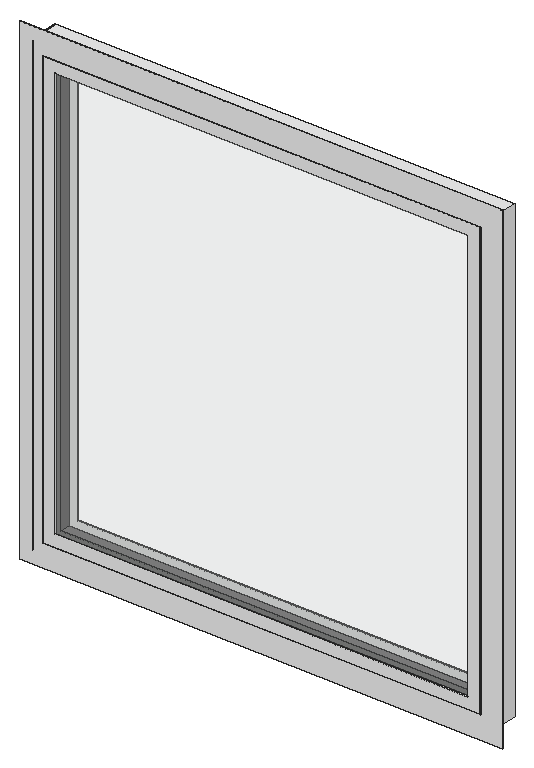
Revit family "Casement_38_B_Side_Hung_Custom", category Windows, host Wall, Revit 2014
Parameters (values of type "Casement_Sash_DG")
  Width Sash [instance] = 30 mm
  Width Sash Inner = 15 mm
  Width Bead = 15 mm
  Top Hung [instance] = yes
  Side Hung Right [instance] = yes
  Side Hung Left [instance] = yes
  Sash Opening Width [instance] = 600 mm
  Sash Opening Height [instance] = 600.312 mm
  Sash Lip = 15 mm
  Glazing Material [instance] = Glass
  DG Start Piece 2 [instance] = DG End Piece 1 + DG Gasket Thickness  # 25 mm
  DG Start Peice 1 [instance] = (Depth Sash - (2 * DG Glazing Thickness) - DG Gasket Thickness) / 2  # 6.6 mm
  Glazing Offset = 5 mm
  DG Glazing Thickness [instance] = 6.4 mm
  DG Gasket Thickness = 12 mm  # constant formula
  DG Gasket Material [instance] = Double Glazing Gasket Material
  DG End Piece 2 [instance] = DG Start Piece 2 + DG Glazing Thickness  # 31.4 mm
  DG End Piece 1 [instance] = DG Start Peice 1 + DG Glazing Thickness  # 13 mm
  Depth Sash [instance] = 38 mm
  Center Vertical Sash [instance] = Sash Opening Height / 2  # 300.156 mm
  Center Horizontal Sash [instance] = Sash Opening Width / 2  # 300 mm
  Bottom Hung [instance] = yes
  Bead Offset = 15 mm
  Aluminium Thickness = 1 mm
  Aluminium Material [instance] = White Powder Coated Aluminium
Reference planes
  plane 1 "Center (Front/Back)": y = 0
  plane 2: z = 0
  plane 3 "Center (Left/Right)": x = 0
Forms (mm)
  Sweep 1, solid, material "White Powder Coated Aluminium" <- "Aluminium Material"
    path origin (16.177, 0, 121.331) x (1, 0, 0) y (0, 0, 1)
      loop
        line (0, 0) -> (600, 0) -> (600, 600.312) -> (0, 600.312) -> (0, 0)
    profile origin (316.177, 0, 121.331) x (0, 0, 1) y (0, -1, 0)
      loop
        line (0, 0) -> (30, 0) -> (30, 1) -> (15, 1) -> (15, 38) -> (-15, 38) -> (-15, 37) -> (0, 37) -> (0, 0)
      loop
        line (14, 1) -> (14, 37) -> (1, 37) -> (1, 1) -> (14, 1)
  Sweep 2, solid, material "White Powder Coated Aluminium" <- "Aluminium Material"
    path origin (0, 0, 0) x (1, 0, 0) y (0, 0, 1)
      loop
        line (31.177, 706.643) -> (31.177, 136.331) -> (601.177, 136.331) -> (601.177, 706.643) -> (31.177, 706.643)
    profile origin (316.177, 0, 706.643) x (0, 0, 1) y (0, -1, 0)
      loop
        line (0, 37) -> (0, 38) -> (-15, 38) -> (-15, 37) -> (0, 37)
  Extrusion 3, solid, material "Glass" <- "Glazing Material"
    sketch origin (0, 0, 0) x (1, 0, 0) y (0, 0, 1)
      loop
        line (36.177, 701.643) -> (36.177, 141.331) -> (596.177, 141.331) -> (596.177, 701.643) -> (36.177, 701.643)
    from 6.6 <- "DG Start Peice 1" to 13 <- "DG End Piece 1"
  Extrusion 4, solid, material "Glass" <- "Glazing Material"
    sketch origin (0, 0, 0) x (1, 0, 0) y (0, 0, 1)
      loop
        line (36.177, 701.643) -> (36.177, 141.331) -> (596.177, 141.331) -> (596.177, 701.643) -> (36.177, 701.643)
    from 31.4 <- "DG End Piece 2" to 25 <- "DG Start Piece 2"
  Sweep 5, solid, material "Double Glazing Gasket Material" <- "DG Gasket Material"
    path origin (0, -13, 0) x (1, 0, 0) y (0, 0, 1)
      loop
        line (36.177, 701.643) -> (36.177, 141.331) -> (596.177, 141.331) -> (596.177, 701.643) -> (36.177, 701.643)
    profile origin (316.177, -13, 701.643) x (0, 0, 1) y (0, -1, 0)
      loop
        line (0, 0) -> (0, 12) -> (-7.96, 12) -> (-7.96, 0) -> (0, 0)
Lines and regions (mm)
  model lines
    curve 1: line (1.177, -38, 736.643) -> (31.177, -38, 706.643)
    curve 2: line (601.177, -38, 706.643) -> (631.177, -38, 736.643)
    curve 3: line (601.177, -38, 136.331) -> (631.177, -38, 106.331)
    curve 4: line (1.177, -38, 106.331) -> (31.177, -38, 136.331)
    curve 5: line (631.177, -37, 736.643) -> (616.177, -37, 721.643)
    curve 6: line (1.177, -37, 736.643) -> (16.177, -37, 721.643)
    curve 7: line (1.177, -37, 106.331) -> (16.177, -37, 121.331)
    curve 8: line (631.177, -37, 106.331) -> (616.177, -37, 121.331)
    curve 9: line (616.177, 0, 121.331) -> (586.177, 0, 151.331)
    curve 10: line (46.177, 0, 151.331) -> (16.177, 0, 121.331)
    curve 11: line (616.177, 0, 721.643) -> (586.177, 0, 691.643)
    curve 12: line (46.177, 0, 691.643) -> (16.177, 0, 721.643)
    curve 13: line (31.177, -38, 691.643) -> (46.177, -38, 691.643)
    curve 14: line (586.177, -38, 691.643) -> (601.177, -38, 691.643)
    curve 15: line (586.177, -38, 151.331) -> (601.177, -38, 151.331)
    curve 16: line (31.177, -38, 151.331) -> (46.177, -38, 151.331)
  model lines, style "GenericModelHiddenLines", visible <- "Top Hung"
    curve 17: line (46.386, -31.4, 690.914) -> (316.177, -31.4, 151.331)
    curve 18: line (316.177, -31.4, 151.331) -> (586.177, -31.4, 691.331)
  model lines, style "GenericModelHiddenLines", visible <- "Bottom Hung"
    curve 19: line (46.177, -31.4, 151.331) -> (316.177, -31.4, 691.331)
    curve 20: line (316.177, -31.4, 691.331) -> (586.177, -31.4, 151.331)
  model lines, style "GenericModelHiddenLines", visible <- "Side Hung Left"
    curve 21: line (46.386, -31.4, 690.914) -> (585.24, -31.4, 421.487)
    curve 22: line (585.24, -31.4, 421.487) -> (46.177, -31.4, 151.331)
  model lines, style "GenericModelHiddenLines", visible <- "Side Hung Right"
    curve 23: line (586.177, -31.4, 691.331) -> (46.177, -31.4, 421.487)
    curve 24: line (46.177, -31.4, 421.487) -> (586.177, -31.4, 151.331)
Dimensions and locks
  "Aluminium Thickness": Sweep 1 sketch curve to Sweep 1 sketch curve  (x4)
  "Depth Sash": Sweep 1 sketch curve to Sweep 1 sketch curve
  "Sash Opening Width": Sweep 1 to Sweep 1
  "Sash Opening Height": Sweep 1 to Sweep 1
  "Width Sash": Sweep 1 sketch curve to Sweep 1 sketch curve  (x2)
  "Width Sash Inner": Sweep 1 sketch curve to Sweep 1 sketch curve
  "Sash Lip": Sweep 1 sketch curve to Sweep 1 sketch curve
  "Aluminium Thickness": Sweep 1 to Sweep 2 sketch curve
  "Glazing Offset": Sweep 2 to Extrusion 3 sketch curve  (x3)
  "Glazing Offset": Extrusion 3 sketch curve to Sweep 2
  Sweep 1 to Sweep 1 = 1 mm
  "Aluminium Thickness": Sweep 2 sketch curve to Sweep 2 sketch curve
  "Width Bead": Sweep 2 sketch curve to Sweep 2 sketch curve
  locked: Sweep 5 sketch curve to Sweep 5 sketch curve at 7.96
  "Center Horizontal Sash": Sweep 1 to curve 18
  "Center Horizontal Sash": Sweep 1 to curve 20
  "Center Vertical Sash": Sweep 1 to curve 22
  "Center Vertical Sash": Sweep 1 to curve 24
  aligned and locked: level to plane 2
  aligned and locked: Sweep 1 sketch curve to Sweep 1 sketch curve  (x2)
  aligned and locked: Sweep 2 sketch curve to Sweep 1  (x5)
  aligned and locked: Extrusion 4 sketch curve to Extrusion 3  (x4)
  aligned and locked: Sweep 5 sketch curve to Extrusion 3  (x5)
  aligned and locked: Extrusion 3 to Sweep 5 sketch curve
Automatic sketch dimensions
  plane 3 "Center (Left/Right)" to Sweep 1 sketch curve = 16.177 mm
  level to Sweep 1 sketch curve = 121.331 mm
  plane 3 "Center (Left/Right)" to Sweep 1 sketch curve = 616.177 mm
  level to Sweep 1 sketch curve = 721.643 mm
  profile plane to Sweep 5 sketch curve = 12 mm
  curve 7 to Sweep 1 = 0 mm  (x4)
  curve 6 to Sweep 1 = 0 mm  (x3)
  Sweep 1 to curve 6 = 0 mm
  curve 5 to Sweep 1 = 0 mm  (x3)
  curve 8 to Sweep 1 = 0 mm  (x4)
  Sweep 1 to curve 5 = 0 mm
  curve 16 to Sweep 2 = 0 mm  (x3)
  curve 13 to Sweep 2 = 0 mm  (x3)
  curve 15 to Sweep 2 = 0 mm
  Sweep 2 to curve 15 = 0 mm  (x2)
  curve 14 to Sweep 2 = 0 mm  (x2)
  Sweep 2 to curve 14 = 0 mm
  curve 1 to Sweep 1 = 0 mm  (x4)
  curve 4 to Sweep 1 = 0 mm  (x3)
  Sweep 1 to curve 4 = 0 mm
  curve 3 to Sweep 1 = 0 mm  (x3)
  curve 2 to Sweep 1 = 0 mm  (x4)
  Sweep 1 to curve 3 = 0 mm
  curve 10 to Sweep 1 = 0 mm  (x4)
  curve 12 to Sweep 1 = 0 mm  (x3)
  Sweep 1 to curve 12 = 0 mm
  curve 9 to Sweep 1 = 0 mm  (x4)
  curve 11 to Sweep 1 = 0 mm  (x3)
  Sweep 1 to curve 11 = 0 mm
  Sweep 1 sketch curve to plane 1 "Center (Front/Back)" = 0 mm
  profile plane to Sweep 1 sketch curve = 0 mm
  curve 21 to Extrusion 4 = 10.208 mm
  curve 19 to Extrusion 4 = 10 mm
  curve 23 to Extrusion 4 = 10 mm  (x2)
  curve 22 to Extrusion 4 = 10.937 mm
  curve 20 to Extrusion 4 = 10 mm
  curve 24 to Extrusion 4 = 10 mm
  curve 22 to Extrusion 4 = 10 mm
  curve 18 to Extrusion 4 = 10 mm
  curve 21 to Extrusion 4 = 10.729 mm
  curve 19 to Extrusion 4 = 10.312 mm
  curve 18 to Extrusion 4 = 10.312 mm
